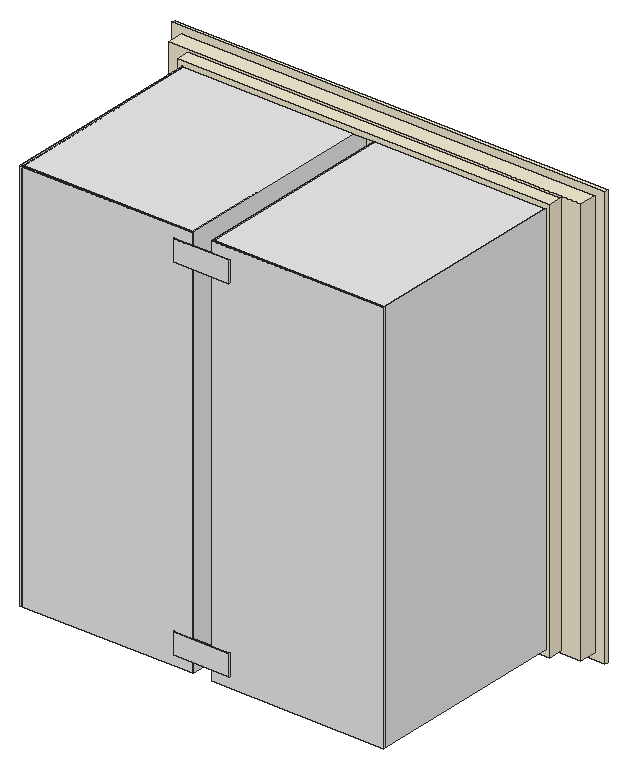
Revit family "4C-8_Door_High_Units_FL.rfa", category Specialty Equipment, host Wall, Revit 2016 (continued)
Definition of nested family "3700 Series 4C OM2 Configuration"
  Automatic sketch dimensions
    Extrusion 1 sketch curve to plane 6 "Back Face of Door" = 0.000"
    Extrusion 1 sketch curve to plane 7 "Front Face of Door" = 0.000"
    Extrusion 1 sketch curve to plane 5 "Right Side Face of Door" = 0.000"
    Extrusion 1 sketch curve to plane 4 "Left Side Face of Door" = 0.252"
    Extrusion 1 sketch curve to plane 20 "Hinge Stud Align" = 0.36875"
    Extrusion 1 sketch curve to plane 25 "Face of Mail Plate" = 0.07029"
    plane 5 "Right Side Face of Door" to Extrusion 1 sketch curve = 0.195"
    Extrusion 1 sketch curve to plane 25 "Face of Mail Plate" = 0.10562"
    Extrusion 1 sketch curve to plane 13 "Face of Lock" = 0.07658"
    plane 1 "Center (Front/Back)" to Extrusion 1 sketch curve = 0.05445"
    Extrusion 1 sketch curve to plane 13 "Face of Lock" = 0.12063"
    Extrusion 5 sketch curve to plane 11 "Center Lock Vertical" = 0.0293"
    plane 11 "Center Lock Vertical" to Extrusion 5 sketch curve = 0.0293"
    Extrusion 5 sketch curve to plane 9 = 0.30959"
    plane 9 to Extrusion 5 sketch curve = 0.30959"
    plane 16 "Left Stud Align" to Blend 6 sketch curve = 0.000"  (x2)
    Blend 6 sketch curve to plane 18 "Top Stud Align" = 0.000"  (x2)
    plane 17 "Right Stud Align" to Blend 7 sketch curve = 0.000"  (x2)
    Blend 7 sketch curve to plane 18 "Top Stud Align" = 0.000"  (x2)
    plane 16 "Left Stud Align" to Blend 8 sketch curve = 0.000"  (x2)
    Blend 8 sketch curve to plane 19 "Bottom Stud Align" = 0.000"  (x2)
    plane 17 "Right Stud Align" to Blend 9 sketch curve = 0.000"  (x2)
    Blend 9 sketch curve to plane 19 "Bottom Stud Align" = 0.000"  (x2)
    Blend 10 sketch curve to plane 18 "Top Stud Align" = 0.000"  (x2)
    plane 20 "Hinge Stud Align" to Blend 10 sketch curve = 0.000"  (x2)
    Blend 11 sketch curve to plane 19 "Bottom Stud Align" = 0.000"  (x2)
    plane 20 "Hinge Stud Align" to Blend 11 sketch curve = 0.000"  (x2)
    plane 24 to Extrusion 12 sketch curve = 0.000"
    Extrusion 12 sketch curve to plane 22 "Mail Plate Bottom" = 0.000"
    Extrusion 12 sketch curve to plane 21 "Mail Plate Top" = 0.000"
    plane 23 to Extrusion 12 sketch curve = 0.000"
    plane 24 to Extrusion 12 sketch curve = 0.19922"  (x2)
    plane 18 "Top Stud Align" to Extrusion 12 sketch curve = 0.14478"
    Extrusion 12 sketch curve to plane 23 = 0.19922"
    Extrusion 13 sketch curve to plane 5 "Right Side Face of Door" = 0.000"
    Extrusion 13 sketch curve to plane 4 "Left Side Face of Door" = 0.000"
    Extrusion 13 sketch curve to plane 6 "Back Face of Door" = 0.000"
    Extrusion 13 sketch curve to plane 7 "Front Face of Door" = 0.193"
    Extrusion 14 sketch curve to plane 30 "Bottom of Mail Slot" = 0.000"
    plane 32 "Right Edge of Mail Slot" to Extrusion 14 sketch curve = 0.375"
    Extrusion 14 sketch curve to plane 31 "Left Edge of Mail Slot" = 0.375"
    Extrusion 15 sketch curve to plane 35 = 0.000"
    Extrusion 15 sketch curve to plane 33 "Mail Slot Bottom Protusion" = 0.000"
    Extrusion 15 sketch curve to plane 34 = 0.000"
    Extrusion 15 sketch curve to plane 27 "Top of Mail Drop Divider" = 0.000"
    Extrusion 15 sketch curve to plane 6 "Back Face of Door" = 0.000"
    plane 26 "Top of Mail Drop Door" to Extrusion 15 sketch curve = 0.07158"
    Extrusion 15 sketch curve to plane 34 = 0.24578"
    plane 26 "Top of Mail Drop Door" to Extrusion 15 sketch curve = 0.09984"
    Extrusion 15 sketch curve to Extrusion 15 sketch curve = 0.01632"
    plane 37 to Extrusion 15 sketch curve = 0.05062"
    Extrusion 15 sketch curve to plane 33 "Mail Slot Bottom Protusion" = 0.01599"
    plane 33 "Mail Slot Bottom Protusion" to Extrusion 15 sketch curve = 0.01227"
    plane 36 "Front of Awning" to Extrusion 15 sketch curve = 0.17915"
    plane 35 to Extrusion 15 sketch curve = 0.02246"
    Extrusion 15 sketch curve to Extrusion 15 sketch curve = 0.0724"
    plane 36 "Front of Awning" to Extrusion 15 sketch curve = 0.04696"
    plane 36 "Front of Awning" to Extrusion 15 sketch curve = 0.02469"
    plane 36 "Front of Awning" to Extrusion 15 sketch curve = 0.00781"
    Extrusion 15 sketch curve to Extrusion 15 sketch curve = 0.05983"
    Extrusion 4 sketch curve to plane 9 = 0.000"
    plane 11 "Center Lock Vertical" to Extrusion 4 sketch curve = 0.000"
    Extrusion 3 sketch curve to plane 9 = 0.000"
    plane 11 "Center Lock Vertical" to Extrusion 3 sketch curve = 0.000"
    radius of Blend 6 sketch curve = 0.15665"
    radius of Blend 6 sketch curve = 0.3125"
    radius of Blend 7 sketch curve = 0.15665"
    radius of Blend 7 sketch curve = 0.3125"
    radius of Blend 8 sketch curve = 0.15665"
    radius of Blend 8 sketch curve = 0.3125"
    radius of Blend 9 sketch curve = 0.15665"
    radius of Blend 9 sketch curve = 0.3125"
    radius of Blend 10 sketch curve = 0.15665"
    radius of Blend 10 sketch curve = 0.3125"
    radius of Blend 11 sketch curve = 0.15665"
    radius of Blend 11 sketch curve = 0.3125"
    radius of Extrusion 4 sketch curve = 0.42913"
    radius of Extrusion 3 sketch curve = 0.4375"
Definition of nested family "4C Latch Lock-Right"
  Parameters (values of type "Lock Latch")
    Width = 1.750"
    Type Comments = "Lock Latch for Aluminum Mailboxes"
    Visible Latch = yes
    Manufacturer = "Salsbury Industries"
    Height = 1.375"
    Depth = 0.244"
    Back Enclosure Material = none
  Reference planes (in)
    plane 1 "Center (Front/Back)": y = 0
    plane 2 "left": z = 0
    plane 3 "Center (Left/Right)": x = 0
    plane 4 "top": x = -0.875
    plane 5 "bottom": x = 0.875
    plane 6 "Front": y = 0.122
    plane 7 "Back": y = -0.122
    plane 8 "Vertical Center": z = 0.6875
    plane 9 "right": z = 1.375
    plane 10: x = -1
    plane 11: x = -1.125
  Forms (in)
    Extrusion 1, solid, material <- "Back Enclosure Material", visible <- "Visible Latch"
      sketch origin (-0.67187, 0, 0.67188) x (0, 0, -1) y (0, 1, 0)
        loop
          line (-0.22131, -0.0902) -> (-0.70312, -0.0902) -> (-0.70312, -0.12209) -> (-0.22129, -0.12209)
          arc (-0.22129, -0.12209) -> (-0.1389, -0.08579) -> (-0.11009, -0.00048) r 0.11165
          arc (-0.11009, -0.00048) -> (-0.01599, 0.09362) -> (0.07812, -0.00048) r 0.09411
          arc (0.07812, -0.00048) -> (0.10866, -0.08591) -> (0.19189, -0.122) r 0.11401
          line (0.19189, -0.122) -> (0.67187, -0.122) -> (0.67187, -0.08954) -> (0.19205, -0.08954)
          arc (0.19205, -0.08954) -> (0.13091, -0.06294) -> (0.10869, -0.00006) r 0.08357
          arc (0.10869, -0.00006) -> (-0.01625, 0.12487) -> (-0.14118, -0.00006) r 0.12494
          arc (-0.14118, -0.00006) -> (-0.16101, -0.06312) -> (-0.22131, -0.0902) r 0.08069
      from -0.20313 to 1.54687
    Extrusion 2, void
      sketch origin (-0.86719, 0.122, 0.78906) x (0, 0, -1) y (1, 0, 0)
        loop
          line (0.02064, 1.43976) -> (0.02064, 0.31562) -> (0.29045, 0.31562) -> (0.29045, 0.47278) -> (0.12796, 0.47278) -> (0.12796, 1.28526) -> (0.27447, 1.28526) -> (0.27447, 1.43976) -> (0.02064, 1.43976)
      from -0.01091 to 0.1442
    Blend 3, solid, material <- "Back Enclosure Material", visible <- "Visible Latch"
      base sketch origin (-0.95312, 0.122, 0.96875) x (0, 0, -1) y (1, 0, 0)
        loop
          circle (-0.1252, 1.55349) r 0.1
      top sketch origin (-0.95312, 0.122, 0.96875) x (0, 0, -1) y (1, 0, 0)
        loop
          circle (-0.1252, 1.55349) r 0.215
      from 0.16742 to 0.21154
    Blend 4, solid, material <- "Back Enclosure Material", visible <- "Visible Latch"
      base sketch origin (-0.95312, 0.122, -0.54015) x (0, 0, -1) y (1, 0, 0)
        loop
          circle (-0.8037, 1.55349) r 0.1
      top sketch origin (-0.95312, 0.122, -0.54015) x (0, 0, -1) y (1, 0, 0)
        loop
          circle (-0.8037, 1.55349) r 0.215
      from 0.16742 to 0.21154
    Blend 5, solid, material <- "Back Enclosure Material", visible <- "Visible Latch"
      base sketch origin (-1.95312, 0.122, 0.96875) x (0, 0, -1) y (1, 0, 0)
        loop
          circle (-0.1252, 1.36599) r 0.1
      top sketch origin (-1.95312, 0.122, 0.96875) x (0, 0, -1) y (1, 0, 0)
        loop
          circle (-0.1252, 1.36599) r 0.215
      from 0.16742 to 0.21154
    Blend 6, solid, material <- "Back Enclosure Material", visible <- "Visible Latch"
      base sketch origin (-1.95312, 0.122, -0.55578) x (0, 0, -1) y (1, 0, 0)
        loop
          circle (-0.8037, 1.36599) r 0.1
      top sketch origin (-1.95312, 0.122, -0.55578) x (0, 0, -1) y (1, 0, 0)
        loop
          circle (-0.8037, 1.36599) r 0.215
      from 0.16742 to 0.21154
    Extrusion 7, solid, material <- "Back Enclosure Material", visible <- "Visible Latch"
      sketch origin (-1.22585, -7.77812, 0.87452) x (0, 0, -1) y (0, 1, 0)
        loop
          circle (0.18702, 7.77784) r 0.09014
      from 0.10085 to 2.10085
    Extrusion 8, solid, material <- "Back Enclosure Material", visible <- "Visible Latch"
      sketch origin (-0.59584, -7.78798, 0.67188) x (1, 0, 0) y (0, 1, 0)
        loop
          circle (0.12087, 7.81979) r 0.05
      from 0.01562 to -0.5
    Extrusion 9, solid, material <- "Back Enclosure Material", visible <- "Visible Latch"
      sketch origin (-1.09375, -0.02845, 1.02999) x (0, 0, -1) y (1, 0, 0)
        loop
          line (0.68574, 0.09375) -> (0.68574, 0.12475) -> (-0.00176, 0.12475) -> (-0.00176, 0.09375) -> (0.68574, 0.09375)
      from -0.25 to 0.09355
    Extrusion 10, void
      sketch origin (-0.969, -7.77845, 0.87437) x (0, 0, -1) y (0, -1, 0)
        loop
          circle (0.18637, -7.77776) r 0.09325
      from 0 to 0.031
  Cuts and joins
    Extrusion 2 cuts Extrusion 1
    Extrusion 10 cuts Extrusion 9
  Dimensions and locks (in)
    equal spacing: plane 7 "Back", plane 1 "Center (Front/Back)", plane 6 "Front"
    "Depth": plane 7 "Back" to plane 6 "Front"
    equal spacing: plane 4 "top", plane 3 "Center (Left/Right)", plane 5 "bottom"
    "Width": plane 4 "top" to plane 5 "bottom"
    equal spacing: plane 9 "right", plane 8 "Vertical Center", plane 2 "left"
    "Height": plane 9 "right" to plane 2 "left"
    plane 10 to plane 4 "top" = 0.125"
    plane 11 to plane 4 "top" = 0.250"
    plane 10 to plane 11 = 0.125"
    aligned and locked: level to plane 2 "left"
  Automatic sketch dimensions
    Extrusion 1 sketch curve to plane 7 "Back" = 0.000"
    Extrusion 1 sketch curve to plane 7 "Back" = 0.0318"
    plane 9 "right" to Extrusion 1 sketch curve = 0.000"
    Extrusion 1 sketch curve to plane 8 "Vertical Center" = 0.20569"
    plane 7 "Back" to Extrusion 1 sketch curve = 0.00009"
    Extrusion 1 sketch curve to plane 8 "Vertical Center" = 0.20567"
    plane 1 "Center (Front/Back)" to Extrusion 1 sketch curve = 0.00006"
    Extrusion 1 sketch curve to plane 8 "Vertical Center" = 0.00062"
    Extrusion 1 sketch curve to Extrusion 1 sketch curve = 0.00026"
    Extrusion 1 sketch curve to Extrusion 1 sketch curve = 0.20788"
    Extrusion 1 sketch curve to Extrusion 1 sketch curve = 0.00016"
    Extrusion 1 sketch curve to level = 0.000"
    Extrusion 1 sketch curve to plane 7 "Back" = 0.03246"
    plane 1 "Center (Front/Back)" to Extrusion 1 sketch curve = 0.01045"
    Extrusion 1 sketch curve to Extrusion 1 sketch curve = 0.00094"
    Extrusion 1 sketch curve to Extrusion 1 sketch curve = 0.00201"
    Extrusion 2 sketch curve to plane 8 "Vertical Center" = 0.08092"
    plane 5 "bottom" to Extrusion 2 sketch curve = 0.45693"
    plane 8 "Vertical Center" to Extrusion 2 sketch curve = 0.0264"
    Extrusion 2 sketch curve to Extrusion 2 sketch curve = 0.16249"
    Extrusion 2 sketch curve to Extrusion 2 sketch curve = 0.14651"
    Extrusion 2 sketch curve to plane 3 "Center (Left/Right)" = 0.3944"
    Extrusion 2 sketch curve to plane 4 "top" = 0.32343"
    plane 5 "bottom" to Extrusion 2 sketch curve = 0.30243"
    plane 5 "bottom" to Blend 3 sketch curve = 0.27463"  (x2)
    Blend 3 sketch curve to plane 8 "Vertical Center" = 0.40645"  (x2)
    plane 5 "bottom" to Blend 4 sketch curve = 0.27463"  (x2)
    level to Blend 4 sketch curve = 0.26355"  (x2)
    Blend 5 sketch curve to plane 8 "Vertical Center" = 0.40645"  (x2)
    Blend 5 sketch curve to plane 3 "Center (Left/Right)" = 0.58713"  (x2)
    level to Blend 6 sketch curve = 0.24792"  (x2)
    Blend 6 sketch curve to plane 3 "Center (Left/Right)" = 0.58713"  (x2)
    plane 1 "Center (Front/Back)" to Extrusion 7 sketch curve = 0.00028"
    plane 8 "Vertical Center" to Extrusion 7 sketch curve = 0.000"
    Extrusion 8 sketch curve to plane 1 "Center (Front/Back)" = 0.03181"
    Extrusion 8 sketch curve to plane 4 "top" = 0.40003"
    Extrusion 9 sketch curve to plane 8 "Vertical Center" = 0.34425"
    level to Extrusion 9 sketch curve = 0.34425"
    plane 4 "top" to Extrusion 9 sketch curve = 0.125"
    Extrusion 9 sketch curve to Extrusion 9 sketch curve = 0.031"
    plane 1 "Center (Front/Back)" to Extrusion 10 sketch curve = 0.0007"
    Extrusion 10 sketch curve to plane 8 "Vertical Center" = 0.0005"
    radius of Blend 3 sketch curve = 0.100"
    radius of Blend 3 sketch curve = 0.215"
    radius of Blend 4 sketch curve = 0.100"
    radius of Blend 4 sketch curve = 0.215"
    radius of Blend 5 sketch curve = 0.100"
    radius of Blend 5 sketch curve = 0.215"
    radius of Blend 6 sketch curve = 0.100"
    radius of Blend 6 sketch curve = 0.215"
    radius of Extrusion 7 sketch curve = 0.09014"
    radius of Extrusion 8 sketch curve = 0.050"
    radius of Extrusion 10 sketch curve = 0.09325"
Definition of nested family "4C Latch Lock-Left"
  Parameters (values of type "Lock Latch")
    Width = 1.750"
    Type Comments = "Lock Latch for Aluminum Mailboxes"
    Visible Latch = yes
    Manufacturer = "Salsbury Industries"
    Height = 1.375"
    Depth = 0.244"
    Back Enclosure Material = none
  Reference planes (in)
    plane 1 "Center (Front/Back)": y = 0
    plane 2 "left": z = 0
    plane 3 "Center (Left/Right)": x = 0
    plane 4 "top": x = -0.875
    plane 5 "bottom": x = 0.875
    plane 6 "Front": y = 0.122
    plane 7 "Back": y = -0.122
    plane 8 "Vertical Center": z = 0.6875
    plane 9 "right": z = 1.375
    plane 10: x = 1
    plane 11: x = 1.125
  Forms (in)
    Extrusion 1, solid, material <- "Back Enclosure Material", visible <- "Visible Latch"
      sketch origin (-0.67187, 0, 0.67188) x (0, 0, -1) y (0, 1, 0)
        loop
          line (-0.22131, -0.0902) -> (-0.70312, -0.0902) -> (-0.70312, -0.12209) -> (-0.22129, -0.12209)
          arc (-0.22129, -0.12209) -> (-0.1389, -0.08579) -> (-0.11009, -0.00048) r 0.11165
          arc (-0.11009, -0.00048) -> (-0.01599, 0.09362) -> (0.07812, -0.00048) r 0.09411
          arc (0.07812, -0.00048) -> (0.10866, -0.08591) -> (0.19189, -0.122) r 0.11401
          line (0.19189, -0.122) -> (0.67187, -0.122) -> (0.67187, -0.08954) -> (0.19205, -0.08954)
          arc (0.19205, -0.08954) -> (0.13091, -0.06294) -> (0.10869, -0.00006) r 0.08357
          arc (0.10869, -0.00006) -> (-0.01625, 0.12487) -> (-0.14118, -0.00006) r 0.12494
          arc (-0.14118, -0.00006) -> (-0.16101, -0.06312) -> (-0.22131, -0.0902) r 0.08069
      from -0.20313 to 1.54687
    Extrusion 2, void
      sketch origin (-0.86719, 0.122, 0.78906) x (0, 0, -1) y (1, 0, 0)
        loop
          line (0.02064, 1.43976) -> (0.02064, 0.31562) -> (0.29045, 0.31562) -> (0.29045, 0.47278) -> (0.12796, 0.47278) -> (0.12796, 1.28526) -> (0.27447, 1.28526) -> (0.27447, 1.43976) -> (0.02064, 1.43976)
      from -0.01091 to 0.1442
    Blend 3, solid, material <- "Back Enclosure Material", visible <- "Visible Latch"
      base sketch origin (-0.95312, 0.122, 0.96875) x (0, 0, -1) y (1, 0, 0)
        loop
          circle (-0.1252, 1.55349) r 0.1
      top sketch origin (-0.95312, 0.122, 0.96875) x (0, 0, -1) y (1, 0, 0)
        loop
          circle (-0.1252, 1.55349) r 0.215
      from 0.16742 to 0.21154
    Blend 4, solid, material <- "Back Enclosure Material", visible <- "Visible Latch"
      base sketch origin (-0.95312, 0.122, -0.54015) x (0, 0, -1) y (1, 0, 0)
        loop
          circle (-0.8037, 1.55349) r 0.1
      top sketch origin (-0.95312, 0.122, -0.54015) x (0, 0, -1) y (1, 0, 0)
        loop
          circle (-0.8037, 1.55349) r 0.215
      from 0.16742 to 0.21154
    Blend 5, solid, material <- "Back Enclosure Material", visible <- "Visible Latch"
      base sketch origin (-1.95312, 0.122, 0.96875) x (0, 0, -1) y (1, 0, 0)
        loop
          circle (-0.1252, 1.36599) r 0.1
      top sketch origin (-1.95312, 0.122, 0.96875) x (0, 0, -1) y (1, 0, 0)
        loop
          circle (-0.1252, 1.36599) r 0.215
      from 0.16742 to 0.21154
    Blend 6, solid, material <- "Back Enclosure Material", visible <- "Visible Latch"
      base sketch origin (-1.95312, 0.122, -0.55578) x (0, 0, -1) y (1, 0, 0)
        loop
          circle (-0.8037, 1.36599) r 0.1
      top sketch origin (-1.95312, 0.122, -0.55578) x (0, 0, -1) y (1, 0, 0)
        loop
          circle (-0.8037, 1.36599) r 0.215
      from 0.16742 to 0.21154
    Extrusion 7, solid, material <- "Back Enclosure Material", visible <- "Visible Latch"
      sketch origin (-1.22585, -7.77812, 0.87452) x (0, 0, -1) y (0, 1, 0)
        loop
          circle (0.18702, 7.77784) r 0.09014
      from 0.35085 to 2.35085
    Extrusion 8, solid, material <- "Back Enclosure Material", visible <- "Visible Latch"
      sketch origin (0.37291, -7.78798, 0.67188) x (1, 0, 0) y (0, 1, 0)
        loop
          circle (0.12087, 7.81979) r 0.05
      from 0.01562 to -0.5
    Extrusion 9, solid, material <- "Back Enclosure Material", visible <- "Visible Latch"
      sketch origin (0.87525, -0.02845, 1.02999) x (0, 0, -1) y (1, 0, 0)
        loop
          line (0.68574, 0.09375) -> (0.68574, 0.12475) -> (-0.00176, 0.12475) -> (-0.00176, 0.09375) -> (0.68574, 0.09375)
      from -0.25 to 0.09355
    Extrusion 10, void
      sketch origin (1, -7.77845, 0.87437) x (0, 0, -1) y (0, -1, 0)
        loop
          circle (0.18637, -7.77776) r 0.09325
      from 0 to 0.031
  Cuts and joins
    Extrusion 2 cuts Extrusion 1
    Extrusion 10 cuts Extrusion 9
  Dimensions and locks (in)
    equal spacing: plane 7 "Back", plane 1 "Center (Front/Back)", plane 6 "Front"
    "Depth": plane 7 "Back" to plane 6 "Front"
    equal spacing: plane 4 "top", plane 3 "Center (Left/Right)", plane 5 "bottom"
    "Width": plane 4 "top" to plane 5 "bottom"
    equal spacing: plane 9 "right", plane 8 "Vertical Center", plane 2 "left"
    "Height": plane 9 "right" to plane 2 "left"
    plane 4 "top" to plane 10 = 1.875"
    plane 5 "bottom" to plane 11 = 0.250"
    plane 11 to plane 10 = 0.125"
    aligned and locked: level to plane 2 "left"
  Automatic sketch dimensions
    Extrusion 1 sketch curve to plane 7 "Back" = 0.000"
    Extrusion 1 sketch curve to plane 7 "Back" = 0.0318"
    plane 9 "right" to Extrusion 1 sketch curve = 0.000"
    Extrusion 1 sketch curve to plane 8 "Vertical Center" = 0.20569"
    plane 7 "Back" to Extrusion 1 sketch curve = 0.00009"
    Extrusion 1 sketch curve to plane 8 "Vertical Center" = 0.20567"
    plane 1 "Center (Front/Back)" to Extrusion 1 sketch curve = 0.00006"
    Extrusion 1 sketch curve to plane 8 "Vertical Center" = 0.00062"
    Extrusion 1 sketch curve to Extrusion 1 sketch curve = 0.00026"
    Extrusion 1 sketch curve to Extrusion 1 sketch curve = 0.20788"
    Extrusion 1 sketch curve to Extrusion 1 sketch curve = 0.00016"
    Extrusion 1 sketch curve to level = 0.000"
    Extrusion 1 sketch curve to plane 7 "Back" = 0.03246"
    plane 1 "Center (Front/Back)" to Extrusion 1 sketch curve = 0.01045"
    Extrusion 1 sketch curve to Extrusion 1 sketch curve = 0.00094"
    Extrusion 1 sketch curve to Extrusion 1 sketch curve = 0.00201"
    Extrusion 2 sketch curve to plane 8 "Vertical Center" = 0.08092"
    plane 5 "bottom" to Extrusion 2 sketch curve = 0.45693"
    plane 8 "Vertical Center" to Extrusion 2 sketch curve = 0.0264"
    Extrusion 2 sketch curve to Extrusion 2 sketch curve = 0.16249"
    Extrusion 2 sketch curve to Extrusion 2 sketch curve = 0.14651"
    Extrusion 2 sketch curve to plane 3 "Center (Left/Right)" = 0.3944"
    Extrusion 2 sketch curve to plane 4 "top" = 0.32343"
    plane 5 "bottom" to Extrusion 2 sketch curve = 0.30243"
    plane 5 "bottom" to Blend 3 sketch curve = 0.27463"  (x2)
    Blend 3 sketch curve to plane 8 "Vertical Center" = 0.40645"  (x2)
    plane 5 "bottom" to Blend 4 sketch curve = 0.27463"  (x2)
    level to Blend 4 sketch curve = 0.26355"  (x2)
    Blend 5 sketch curve to plane 8 "Vertical Center" = 0.40645"  (x2)
    Blend 5 sketch curve to plane 3 "Center (Left/Right)" = 0.58713"  (x2)
    level to Blend 6 sketch curve = 0.24792"  (x2)
    Blend 6 sketch curve to plane 3 "Center (Left/Right)" = 0.58713"  (x2)
    plane 1 "Center (Front/Back)" to Extrusion 7 sketch curve = 0.00028"
    plane 8 "Vertical Center" to Extrusion 7 sketch curve = 0.000"
    Extrusion 8 sketch curve to plane 1 "Center (Front/Back)" = 0.03181"
    Extrusion 8 sketch curve to plane 4 "top" = 1.36878"
    Extrusion 9 sketch curve to plane 8 "Vertical Center" = 0.34425"
    level to Extrusion 9 sketch curve = 0.34425"
    Extrusion 9 sketch curve to plane 4 "top" = 1.844"
    Extrusion 9 sketch curve to Extrusion 9 sketch curve = 0.031"
    plane 1 "Center (Front/Back)" to Extrusion 10 sketch curve = 0.0007"
    Extrusion 10 sketch curve to plane 8 "Vertical Center" = 0.0005"
    radius of Blend 3 sketch curve = 0.100"
    radius of Blend 3 sketch curve = 0.215"
    radius of Blend 4 sketch curve = 0.100"
    radius of Blend 4 sketch curve = 0.215"
    radius of Blend 5 sketch curve = 0.100"
    radius of Blend 5 sketch curve = 0.215"
    radius of Blend 6 sketch curve = 0.100"
    radius of Blend 6 sketch curve = 0.215"
    radius of Extrusion 7 sketch curve = 0.09014"
    radius of Extrusion 8 sketch curve = 0.050"
    radius of Extrusion 10 sketch curve = 0.09325"
Types (11): name | Width | Vertical Center Divider | Type Comments | Top Back Plate | Right Inside Wall | Model | Left Inside Wall | Latch Alignment | Door Slot R8 Number | Door Slot R8 | Door Slot R7 Number | Door Slot R7 | Door Slot R6 Number | Door Slot R6 | Door Slot R5 | Door Slot R4 Number | Door Slot R4 | Door Slot R3 Number | Door Slot R3 | Door Slot R2 Number | Door Slot R2 | Door Slot R1 Number | Door Slot R1 | Door Slot L8 Number | Door Slot L8 | Door Slot L7 Number | Door Slot L7 | Door Slot L6 Number | Door Slot L6 | Door Slot L5 Number | Door Slot L5 | Door Slot L4 Number | Door Slot L4 | Door Slot L3 Number | Door Slot L3 | Door Slot L2 Number | Door Slot L2 | Door Slot L1 Number | Door Slot L1 | Description | Center Extrusion Offset | Bottom Back Plate | Above Finished Floor (AFF-Bottom of Unit) | Above Finished Floor (AFF-Bottom of Door)
  3708D-14 FL | 31.09766" | yes | "4C Standard Horizontal Mailbox - Front Loading" | yes | yes | "3708D-14 FL" | yes | 14.85742" | "14" | 3700 Series 4C Door Configurations : MB1 Door w/ Divider | "13" | 3700 Series 4C Door Configurations : MB1 Door w/ Divider | "12" | 3700 Series 4C Door Configurations : MB1 Door w/ Divider | 3700 Series 4C OM2 Configuration : OM2-FL | "0" | 3700 Series 4C Door Configurations : Empty | "11" | 3700 Series 4C Door Configurations : MB1 Door w/ Divider | "10" | 3700 Series 4C Door Configurations : MB1 Door w/ Divider | "9" | 3700 Series 4C Door Configurations : MB1 Door | "8" | 3700 Series 4C Door Configurations : MB1 Door w/ Divider | "7" | 3700 Series 4C Door Configurations : MB1 Door w/ Divider | "6" | 3700 Series 4C Door Configurations : MB1 Door w/ Divider | "5" | 3700 Series 4C Door Configurations : MB1 Door w/ Divider | "4" | 3700 Series 4C Door Configurations : MB1 Door w/ Divider | "3" | 3700 Series 4C Door Configurations : MB1 Door w/ Divider | "2" | 3700 Series 4C Door Configurations : MB1 Door w/ Divider | "1" | 3700 Series 4C Door Configurations : MB1 Door | "8 Door High Unit: 14 MB1, OM2" | 0.000" | yes | 26.683" | 28.000"
  3708S-06 FL | 16.34375" | no | "4C Standard Horizontal Mailbox - Front Loading" | no | no | "3708S-06 FL" | no | 13.876" | "6" | 3700 Series 4C Door Configurations : MB1 Door w/ Divider | "5" | 3700 Series 4C Door Configurations : MB1 Door w/ Divider | "4" | 3700 Series 4C Door Configurations : MB1 Door w/ Divider | 3700 Series 4C OM2 Configuration : OM2-FL | "0" | 3700 Series 4C Door Configurations : Empty | "3" | 3700 Series 4C Door Configurations : MB1 Door w/ Divider | "2" | 3700 Series 4C Door Configurations : MB1 Door w/ Divider | "1" | 3700 Series 4C Door Configurations : MB1 Door | "0" | 3700 Series 4C Door Configurations : Empty | "0" | 3700 Series 4C Door Configurations : Empty | "0" | 3700 Series 4C Door Configurations : Empty | "0" | 3700 Series 4C Door Configurations : Empty | "0" | 3700 Series 4C Door Configurations : Empty | "0" | 3700 Series 4C Door Configurations : Empty | "0" | 3700 Series 4C Door Configurations : Empty | "0" | 3700 Series 4C Door Configurations : Empty | "8 Door High Unit: 6 MB1, OM2" | 48.000" | no | 26.683" | 28.000"
  3708S-03 FL | 16.34375" | no | "4C Standard Horizontal Mailbox - Front Loading" | no | no | "3708S-03 FL" | no | 13.876" | "3" | 3700 Series 4C Door Configurations : MB2 Door w/ Divider | "0" | 3700 Series 4C Door Configurations : Empty | "2" | 3700 Series 4C Door Configurations : MB2 Door w/ Divider | 3700 Series 4C Door Configurations : Empty | "0" | 3700 Series 4C OM2 Configuration : OM2-FL | "0" | 3700 Series 4C Door Configurations : Empty | "1" | 3700 Series 4C Door Configurations : MB2 Door | "0" | 3700 Series 4C Door Configurations : Empty | "0" | 3700 Series 4C Door Configurations : Empty | "0" | 3700 Series 4C Door Configurations : Empty | "0" | 3700 Series 4C Door Configurations : Empty | "0" | 3700 Series 4C Door Configurations : Empty | "0" | 3700 Series 4C Door Configurations : Empty | "0" | 3700 Series 4C Door Configurations : Empty | "0" | 3700 Series 4C Door Configurations : Empty | "0" | 3700 Series 4C Door Configurations : Empty | "8 Door High Unit: 3 MB2, OM2" | 48.000" | no | 26.683" | 28.000"
  3708S-01 FL | 16.34375" | no | "4C Standard Horizontal Mailbox - Front Loading" | no | no | "3708S-01 FL" | no | 13.876" | "1P" | 3700 Series 4C Parcel Configurations : PL5 w/ Divider | "0" | 3700 Series 4C Door Configurations : Empty | "0" | 3700 Series 4C Door Configurations : Empty | 3700 Series 4C Door Configurations : Empty | "0" | 3700 Series 4C Door Configurations : Empty | "0" | 3700 Series 4C OM2 Configuration : OM2-FL | "0" | 3700 Series 4C Door Configurations : Empty | "1" | 3700 Series 4C Door Configurations : MB1 Door | "0" | 3700 Series 4C Door Configurations : Empty | "0" | 3700 Series 4C Door Configurations : Empty | "0" | 3700 Series 4C Door Configurations : Empty | "0" | 3700 Series 4C Door Configurations : Empty | "0" | 3700 Series 4C Door Configurations : Empty | "0" | 3700 Series 4C Door Configurations : Empty | "0" | 3700 Series 4C Door Configurations : Empty | "0" | 3700 Series 4C Door Configurations : Empty | "8 Door High Unit: 1 MB1, 1 PL5, OM2" | 48.000" | no | 13.683" | 15.000"
  3708S-2P FL | 16.34375" | no | "4C Standard Horizontal Mailbox - Front Loading" | no | no | "3708S-2P FL" | no | 13.876" | "2P" | 3700 Series 4C Parcel Configurations : PL4 w/ Divider | "0" | 3700 Series 4C Door Configurations : Empty | "0" | 3700 Series 4C Door Configurations : Empty | 3700 Series 4C Door Configurations : Empty | "1P" | 3700 Series 4C Parcel Configurations : PL4 | "0" | 3700 Series 4C Door Configurations : Empty | "0" | 3700 Series 4C Door Configurations : Empty | "0" | 3700 Series 4C Door Configurations : Empty | "0" | 3700 Series 4C Door Configurations : Empty | "0" | 3700 Series 4C Door Configurations : Empty | "0" | 3700 Series 4C Door Configurations : Empty | "0" | 3700 Series 4C Door Configurations : Empty | "0" | 3700 Series 4C Door Configurations : Empty | "0" | 3700 Series 4C Door Configurations : Empty | "0" | 3700 Series 4C Door Configurations : Empty | "0" | 3700 Series 4C Door Configurations : Empty | "8 Door High Unit: 2 PL4" | 48.000" | no | 13.683" | 15.000"
  3708D-13 FL | 31.09766" | yes | "4C Standard Horizontal Mailbox - Front Loading" | yes | yes | "3708D-13 FL" | yes | 14.85742" | "13" | 3700 Series 4C Door Configurations : MB1 Door w/ Divider | "12" | 3700 Series 4C Door Configurations : MB1 Door w/ Divider | "0" | 3700 Series 4C OM3 Configuration : OM3-FL | 3700 Series 4C Door Configurations : Empty | "0" | 3700 Series 4C Door Configurations : Empty | "11" | 3700 Series 4C Door Configurations : MB1 Door w/ Divider | "10" | 3700 Series 4C Door Configurations : MB1 Door w/ Divider | "9" | 3700 Series 4C Door Configurations : MB1 Door | "8" | 3700 Series 4C Door Configurations : MB1 Door w/ Divider | "7" | 3700 Series 4C Door Configurations : MB1 Door w/ Divider | "6" | 3700 Series 4C Door Configurations : MB1 Door w/ Divider | "5" | 3700 Series 4C Door Configurations : MB1 Door w/ Divider | "4" | 3700 Series 4C Door Configurations : MB1 Door w/ Divider | "3" | 3700 Series 4C Door Configurations : MB1 Door w/ Divider | "2" | 3700 Series 4C Door Configurations : MB1 Door w/ Divider | "1" | 3700 Series 4C Door Configurations : MB1 Door | "8 Door High Unit: 13 MB1, OM3" | 0.000" | yes | 26.683" | 28.000"
  3708D-09 FL | 31.09766" | yes | "4C Standard Horizontal Mailbox - Front Loading" | yes | yes | "3708D-09 FL" | yes | 14.85742" | "9" | 3700 Series 4C Door Configurations : MB1 Door w/ Divider | "8" | 3700 Series 4C Door Configurations : MB1 Door w/ Divider | "7" | 3700 Series 4C Door Configurations : MB1 Door w/ Divider | 3700 Series 4C OM2 Configuration : OM2-FL | "0" | 3700 Series 4C Door Configurations : Empty | "6" | 3700 Series 4C Door Configurations : MB1 Door w/ Divider | "5" | 3700 Series 4C Door Configurations : MB1 Door w/ Divider | "4" | 3700 Series 4C Door Configurations : MB1 Door | "1P" | 3700 Series 4C Parcel Configurations : PL5 w/ Divider | "0" | 3700 Series 4C Door Configurations : Empty | "0" | 3700 Series 4C Door Configurations : Empty | "0" | 3700 Series 4C Door Configurations : Empty | "0" | 3700 Series 4C Door Configurations : Empty | "3" | 3700 Series 4C Door Configurations : MB1 Door w/ Divider | "2" | 3700 Series 4C Door Configurations : MB1 Door w/ Divider | "1" | 3700 Series 4C Door Configurations : MB1 Door | "8 Door High Unit: 9 MB1, 1 PL5, OM2" | 0.000" | yes | 26.683" | 28.000"
  3708D-07 FL | 31.09766" | yes | "4C Standard Horizontal Mailbox - Front Loading" | yes | yes | "3708D-07 FL" | yes | 14.85742" | "7" | 3700 Series 4C Door Configurations : MB2 Door w/ Divider | "0" | 3700 Series 4C Door Configurations : Empty | "6" | 3700 Series 4C Door Configurations : MB2 Door w/ Divider | 3700 Series 4C Door Configurations : Empty | "0" | 3700 Series 4C OM2 Configuration : OM2-FL | "0" | 3700 Series 4C Door Configurations : Empty | "5" | 3700 Series 4C Door Configurations : MB2 Door | "0" | 3700 Series 4C Door Configurations : Empty | "4" | 3700 Series 4C Door Configurations : MB2 Door w/ Divider | "0" | 3700 Series 4C Door Configurations : Empty | "3" | 3700 Series 4C Door Configurations : MB2 Door w/ Divider | "0" | 3700 Series 4C Door Configurations : Empty | "2" | 3700 Series 4C Door Configurations : MB2 Door w/ Divider | "0" | 3700 Series 4C Door Configurations : Empty | "1" | 3700 Series 4C Door Configurations : MB2 Door | "0" | 3700 Series 4C Door Configurations : Empty | "8 Door High Unit: 7 MB2, OM2" | 0.000" | yes | 26.683" | 28.000"
  3708D-04 FL | 31.09766" | yes | "4C Standard Horizontal Mailbox - Front Loading" | yes | yes | "3708D-04 FL" | yes | 14.85742" | "4" | 3700 Series 4C Door Configurations : MB2 Door w/ Divider | "0" | 3700 Series 4C Door Configurations : Empty | "3" | 3700 Series 4C Door Configurations : MB2 Door w/ Divider | 3700 Series 4C Door Configurations : Empty | "0" | 3700 Series 4C OM2 Configuration : OM2-FL | "0" | 3700 Series 4C Door Configurations : Empty | "2" | 3700 Series 4C Door Configurations : MB2 Door | "0" | 3700 Series 4C Door Configurations : Empty | "1P" | 3700 Series 4C Parcel Configurations : PL6 w/ Divider | "0" | 3700 Series 4C Door Configurations : Empty | "0" | 3700 Series 4C Door Configurations : Empty | "0" | 3700 Series 4C Door Configurations : Empty | "0" | 3700 Series 4C Door Configurations : Empty | "0" | 3700 Series 4C Door Configurations : Empty | "1" | 3700 Series 4C Door Configurations : MB2 Door | "0" | 3700 Series 4C Door Configurations : Empty | "8 Door High Unit: 4 MB2, 1 PL6, OM2" | 0.000" | yes | 26.683" | 28.000"
  3708S-1C FL | 16.34375" | no | "4C Horizontal Collection Box - Front Loading" | no | no | "3708S-1C FL" | no | 13.876" | "0" | 4C-8 Door High Collection Box : 4C-8 Door High Collection Box | "0" | 3700 Series 4C Door Configurations : Empty | "0" | 3700 Series 4C Door Configurations : Empty | 3700 Series 4C Door Configurations : Empty | "0" | 3700 Series 4C Door Configurations : Empty | "0" | 3700 Series 4C Door Configurations : Empty | "0" | 3700 Series 4C Door Configurations : Empty | "0" | 3700 Series 4C Door Configurations : Empty | "0" | 3700 Series 4C Door Configurations : Empty | "0" | 3700 Series 4C Door Configurations : Empty | "0" | 3700 Series 4C Door Configurations : Empty | "0" | 3700 Series 4C Door Configurations : Empty | "0" | 3700 Series 4C Door Configurations : Empty | "0" | 3700 Series 4C Door Configurations : Empty | "0" | 3700 Series 4C Door Configurations : Empty | "0" | 3700 Series 4C Door Configurations : Empty | "8 Door High Unit" | 48.000" | no | 13.683" | 15.000"
  3708S-1B FL | 16.34375" | no | "4C Horizontal Receptacle Bin - Front Loading" | no | no | "3708S-1B FL" | no | 13.876" | "0" | 4C-8 Door High Receptacle : 4C-8 Door High Receptacle | "0" | 3700 Series 4C Door Configurations : Empty | "0" | 3700 Series 4C Door Configurations : Empty | 3700 Series 4C Door Configurations : Empty | "0" | 3700 Series 4C Door Configurations : Empty | "0" | 3700 Series 4C Door Configurations : Empty | "0" | 3700 Series 4C Door Configurations : Empty | "0" | 3700 Series 4C Door Configurations : Empty | "0" | 3700 Series 4C Door Configurations : Empty | "0" | 3700 Series 4C Door Configurations : Empty | "0" | 3700 Series 4C Door Configurations : Empty | "0" | 3700 Series 4C Door Configurations : Empty | "0" | 3700 Series 4C Door Configurations : Empty | "0" | 3700 Series 4C Door Configurations : Empty | "0" | 3700 Series 4C Door Configurations : Empty | "0" | 3700 Series 4C Door Configurations : Empty | "8 Door High Unit - 1 Receptacle Bin" | 48.000" | no | 13.683" | 15.000"
